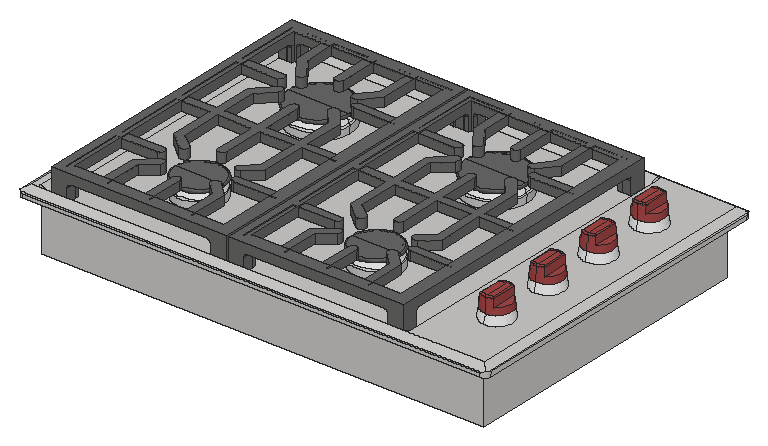
Revit family "M_Fogão-gás-750 mm", category Equipamento especial, Revit 2019
Family settings
  Cota do conector redondo = Utilizar diâmetro
  Tipo de parte = Normal
  Número OmniClass = 23.40.40.14
  Título OmniClass = Food Service Equipment
  Com base no plano de trabalho = Sim
  Sempre na vertical = Sim
  Corte com vazios quando carregada = Não
  Compartilhado = Não
  Ponto de cálculo do ambiente = Não
Parameters (values of type "Gás natural")
  Largura = 750 mm
  Voltagem = 120 V
  Type Comments = ""
  Acabamento da moldura = Eletrodoméstico – Cromado
  Mostrar legenda = yes
  Consumo de energia = 1000 VA
  Legenda = "Fogão"
  Altura da superfície = 15 mm
  Botão = Eletrodoméstico – Plástico – Vermelho
  Espessura da carcaça = 100 mm
  L = Profundidade do balcão - 50 mm  # 480 mm
  Elevação-padrão = 1200 mm
  D = (Largura - 150 mm) / 2 - 20 mm  # 280 mm
  Profundidade do balcão = 530 mm
  Queimador = Eletrodoméstico – Tampa do queimador
  Acabamento do eletrodoméstico = Eletrodoméstico – Aço inoxidável
  Amperagem = Consumo de energia / Voltagem  # 8.33333 A
Types (2, lengths in mm): name | Consumo de energia | Amperagem
  Gás LP | 50 VA | 0.416667 A
  Gás natural | 1000 VA | 8.33333 A
Reference planes
  plane 1 "Face do armário": y = 3.2
  plane 2: z = 0
  plane 3 "Centro (Esquerda/Direita)": x = 0
  plane 4 "Esquerda": x = -375
  plane 5 "Direita": x = 375
  plane 6 "Parte posterior": y = 268.2
  plane 7 "Traseira da porta": y = -261.8
  plane 8 "Superior": z = 15
  plane 9 "Base": z = -85
  plane 10: x = -353
  plane 11: x = 353
  plane 12: y = -239.8
  plane 13: y = 246.2
  plane 14 "Plano elétrico": x = 289.5
  plane 15: x = 301.999
  plane 16: x = 241.425
  plane 17: x = 227.137
  plane 18: x = -338.909
  plane 19: x = -55.886
  plane 20: y = 241.409
  plane 21: y = -515.8
  plane 22: z = 0.508
Forms (mm)
  Extrusion 1, solid, material "Eletrodoméstico – Aço inoxidável" <- "Acabamento do eletrodoméstico"
    sketch origin (0, 0, 0) x (1, 0, 0) y (0, 1, 0)
      loop
        arc (-365.475, 268.2) -> (-372.21, 265.41) -> (-375, 258.675) r 9.525
        line (-375, 258.675) -> (-375, -252.275)
        arc (-375, -252.275) -> (-372.21, -259.01) -> (-365.475, -261.8) r 9.525
        line (-365.475, -261.8) -> (365.475, -261.8)
        arc (365.475, -261.8) -> (372.21, -259.01) -> (375, -252.275) r 9.525
        line (375, -252.275) -> (375, 258.675)
        arc (375, 258.675) -> (372.21, 265.41) -> (365.475, 268.2) r 9.525
        line (365.475, 268.2) -> (-365.475, 268.2)
    from 0 to 15
  Extrusion 2, solid, material "Eletrodoméstico – Aço inoxidável" <- "Acabamento do eletrodoméstico"
    sketch origin (0, 0, -85) x (-1, 0, 0) y (0, -1, 0)
      loop
        line (353, -246.2) -> (353, 239.8) -> (-353, 239.8) -> (-353, -246.2) -> (353, -246.2)
    from 0 to 85
  Sweep 3, void
    path in 3D
      loop
        line (-375, -261.8, 15) -> (375, -261.8, 15) -> (375, 268.2, 15) -> (-375, 268.2, 15) -> (-375, -261.8, 15)
    profile origin (-375, 3.2, 15) x (1, 0, 0) y (0, 0, 1)
      loop
        line (0.746, -7.471) -> (12.7, 0) -> (0, 0) -> (0, -8.817)
        arc (0, -8.817) -> (0.199, -8.048) -> (0.746, -7.471) r 1.587
  Blend 4, void
    base sketch origin (0, 0, 0) x (1, 0, 0) y (0, 1, 0)
      loop
        line (-338.909, 241.409) -> (-338.909, -234.812) -> (227.137, -234.812) -> (227.137, 241.409) -> (-338.909, 241.409)
    top sketch origin (0, 0, 0) x (1, 0, 0) y (0, 1, 0)
      loop
        arc (-346.65, 255.5) -> (-351.14, 253.64) -> (-353, 249.15) r 6.35
        line (-353, 249.15) -> (-353, -242.75)
        arc (-353, -242.75) -> (-351.14, -247.24) -> (-346.65, -249.1) r 6.35
        line (-346.65, -249.1) -> (235.075, -249.1)
        arc (235.075, -249.1) -> (239.565, -247.24) -> (241.425, -242.75) r 6.35
        line (241.425, -242.75) -> (241.425, 249.15)
        arc (241.425, 249.15) -> (239.565, 253.64) -> (235.075, 255.5) r 6.35
        line (235.075, 255.5) -> (-346.65, 255.5)
    from 0.508 to 15
  Sweep 5, solid, material "Eletrodoméstico – Cromado" <- "Acabamento da moldura"
    path origin (289.5, 0, 0) x (0, 1, 0) y (0, 0, 1)
      loop
        line (268.2, -97.7) -> (179.3, -97.7)
        arc (179.3, -97.7) -> (170.32, -93.98) -> (166.6, -85) r 12.7
    profile origin (289.5, 223.75, -97.7) x (0, 0, -1) y (1, 0, 0)
      loop
        circle (0, 0) r 6.35
      loop
        circle (0, -76.2) r 6.35
Cuts and joins
  Sweep 3, Blend 4 cuts Extrusion 1
  Blend 4 cuts Extrusion 2
Lines and regions (mm)
  symbolic lines, style "Eletrodomésticos"
    curve 1: line (-375, 268.2, 0) -> (375, 268.2, 0)
    curve 2: line (-375, 268.2, 0) -> (-375, -261.8, 0)
    curve 3: line (375, -261.8, 0) -> (375, 268.2, 0)
    curve 4: line (-375, -261.8, 0) -> (375, -261.8, 0)
  sketch lines
    curve 5: line (-375, 268.2, 15) -> (-375, -261.8, 15)
    curve 6: line (375, 268.2, 15) -> (-375, 268.2, 15)
    curve 7: line (375, -261.8, 15) -> (375, 268.2, 15)
    curve 8: line (-375, -261.8, 15) -> (375, -261.8, 15)
Dimensions and locks
  equal spacing: plane 4 "Esquerda", plane 3 "Centro (Esquerda/Direita)", plane 5 "Direita"
  "Largura": plane 4 "Esquerda" to plane 5 "Direita"
  "Altura da superfície": plane 8 "Superior" to level
  "Espessura da carcaça": plane 8 "Superior" to plane 9 "Base"
  "Profundidade do balcão": plane 6 "Parte posterior" to plane 7 "Traseira da porta"
  equal spacing: plane 6 "Parte posterior", plane 1 "Face do armário", plane 7 "Traseira da porta"
  locked: plane 4 "Esquerda" to plane 10 at 22
  locked: plane 11 to plane 5 "Direita" at 22
  locked: plane 6 "Parte posterior" to plane 13 at 22
  locked: plane 12 to plane 7 "Traseira da porta" at 22
  locked: plane 14 "Plano elétrico" to plane 11 at 63.5
  locked: Sweep 3 sketch curve to plane 4 "Esquerda" at 12.7
  locked: plane 8 "Superior" to Sweep 3 sketch curve at 8.817
  plane 9 "Base" to Sweep 5 sketch curve = 12.7 mm
  locked: Sweep 5 sketch curve to Sweep 5 sketch curve at 76.2
  locked: plane 15 to plane 11 at 51.001
  locked: plane 16 to plane 15 at 60.574
  locked: plane 17 to plane 16 at 14.287
  locked: plane 10 to plane 18 at 14.091
  equal spacing: plane 18, plane 19, plane 17
  locked: plane 13 to plane 20 at 4.791
  locked: plane 7 "Traseira da porta" to plane 21 at 254
  locked: plane 22 to plane 2 at 0.508
  aligned and locked: plane 2 to level
  aligned and locked: Extrusion 1 sketch curve to plane 6 "Parte posterior"
  aligned and locked: plane 4 "Esquerda" to Extrusion 1 sketch curve
  aligned and locked: plane 7 "Traseira da porta" to Extrusion 1 sketch curve
  aligned and locked: Extrusion 1 sketch curve to plane 5 "Direita"
  aligned and locked: plane 8 "Superior" to Extrusion 1
  aligned and locked: plane 3 "Centro (Esquerda/Direita)" to nested 1
  aligned and locked: Extrusion 2 sketch curve to plane 13
  aligned and locked: Extrusion 2 sketch curve to plane 10
  aligned and locked: plane 12 to Extrusion 2 sketch curve
  aligned and locked: plane 11 to Extrusion 2 sketch curve
  aligned and locked: level to Extrusion 2
  aligned and locked: plane 8 "Superior" to Sweep 3 sketch curve
  aligned and locked: plane 4 "Esquerda" to Sweep 3 sketch curve
  aligned and locked: plane 8 "Superior" to nested 5
  aligned and locked: plane 8 "Superior" to nested 4
  aligned and locked: plane 8 "Superior" to nested 3
  aligned and locked: plane 8 "Superior" to nested 2
  aligned and locked: nested 6 to nested 7
  aligned and locked: plane 8 "Superior" to Blend 4
  aligned and locked: nested 5 to plane 15
  aligned and locked: nested 4 to plane 15
  aligned and locked: nested 3 to plane 15
  aligned and locked: nested 2 to plane 15
  aligned and locked: nested 6 to plane 19
  aligned and locked: plane 18 to nested 7
  aligned and locked: nested 7 to plane 20
  aligned and locked: plane 21 to nested 1
  aligned and locked: Blend 4 to plane 22
Automatic sketch dimensions
  plane 4 "Esquerda" to Extrusion 1 sketch curve = 9.525 mm  (x2)
  Extrusion 1 sketch curve to plane 5 "Direita" = 9.525 mm  (x2)
  curve 4 to plane 4 "Esquerda" = 0 mm
  curve 3 to plane 5 "Direita" = 0 mm
  curve 4 to plane 7 "Traseira da porta" = 0 mm
  curve 2 to plane 6 "Parte posterior" = 0 mm
  Sweep 3 sketch curve to profile plane = 0.746 mm
  Sweep 3 sketch curve to profile plane = 1.587 mm
  plane 12 to Blend 4 sketch curve = 4.988 mm
  Blend 4 sketch curve to plane 10 = 14.091 mm
  Blend 4 sketch curve to plane 14 "Plano elétrico" = 62.363 mm
  Blend 4 sketch curve to plane 13 = 4.791 mm
  Blend 4 sketch curve to plane 10 = 0 mm
  Blend 4 sketch curve to plane 10 = 6.35 mm  (x2)
  plane 13 to Blend 4 sketch curve = 2.95 mm  (x2)
  Blend 4 sketch curve to plane 12 = 2.95 mm
  Blend 4 sketch curve to plane 14 "Plano elétrico" = 54.425 mm  (x2)
  Sweep 5 sketch curve to plane 9 "Base" = 0 mm
  Sweep 5 sketch curve to plane 6 "Parte posterior" = 0 mm
  Sweep 5 sketch curve to plane 13 = 66.9 mm
  Sweep 5 sketch curve to profile plane = 0 mm  (x2)
  Sweep 5 sketch curve to plane 14 "Plano elétrico" = 0 mm
  radius of Sweep 5 sketch curve = 6.35 mm  (x2)
Nested families
  nested 1: "Anotação de legenda de 2,5" at (0, -515.8, 0), visible <- "Mostrar legenda", type "Anotação de legenda de 2,5"
  nested 2: "M_Botão" at (301.999, -149.2, 15), type "M_Botão", detail levels medium+fine
  nested 3: "M_Botão" at (301.999, -47.6, 15), type "M_Botão", detail levels medium+fine
  nested 4: "M_Botão" at (301.999, 54, 15), type "M_Botão", detail levels medium+fine
  nested 5: "M_Botão" at (301.999, 155.6, 15), type "M_Botão", detail levels medium+fine
  nested 6: "M_Grelha do queimador" at (83.945, 1.409, 0) x (-1, 0, 0) z (0, 0, 1), type "M_Grelha do queimador"
  nested 7: "M_Grelha do queimador" at (-199.078, 1.409, 0) x (-1, 0, 0) z (0, 0, 1), type "M_Grelha do queimador"
Connectors
  electrical at (213.3, 268.2, -97.7), driven by "Voltagem", driven by "Consumo de energia"
    settings: on Sweep 5, index 1, voltage 120 V, apparent load 1000 VA, apparent load phase1 0 VA, apparent load phase2 0 VA, apparent load phase3 0 VA, power factor 1, load classification "Eletrodoméstico", number of poles 1, system type 30, power factor state 1, is connector primary yes, connector utility no, sub classification motor no, connector description "Potência do fogão"
  piping at (289.5, 268.2, -97.7), diameter 12.7
    settings: on Sweep 5, index 2, connector inside diameter 609.6 mm, connector length 0 mm, flow factor 0, pipe flow 0.0 L/s, pressure drop 0.0 Pa, fitting loss kfactor 0, connector angle 0.00°, fixture units 0, engagement length 0 mm, angle of deflection 0.00°, flow configuration 1, flow direction 1, fitting loss method 0, system type 22, joint type 0, gender type 0, connector reference index -1, connector utility 0, adjustable connector no, is connector primary yes, connector description "Fogão a gás"
Definition of nested family "M_Botão"
  Parameters (values of type "Botão")
    Material = none
    Default Elevation = 1200 mm
    Material da moldura = none
  Reference planes
    plane 1 "Centro (Frente/Trás)": y = 0
    plane 2: z = 0
    plane 3 "Centro (Esquerda/Direita)": x = 0
    plane 4: z = 19.944
    plane 5: z = 39.944
  Forms (mm)
    Revolve 1, solid, material <- "Material"
      sketch origin (0, 0, 0) x (0, 0, -1) y (0, 1, 0)
        loop
          line (0, 25.4) -> (-14.514, 23.223) -> (-38.236, 22.545)
          arc (-38.236, 22.545) -> (-39.425, 22.022) -> (-39.914, 20.818) r 1.728
          line (-39.914, 20.818) -> (-39.914, 0) -> (0, 0) -> (0, 25.4)
        axis (0, 0) -> (-39.914, 0)
      angle from 0 to 360
    Extrusion 2, void
      sketch origin (0, 0, 0) x (1, 0, 0) y (0, 0, -1)
        loop
          line (22.929, -25.419) -> (10.894, -25.419) -> (10.894, -38.215)
          arc (10.894, -38.215) -> (10.387, -39.438) -> (9.165, -39.944) r 1.729
          line (9.165, -39.944) -> (22.929, -39.944) -> (22.929, -25.419)
        loop
          line (-22.929, -25.419) -> (-22.929, -39.944) -> (-9.165, -39.944)
          arc (-9.165, -39.944) -> (-10.387, -39.438) -> (-10.894, -38.215) r 1.729
          line (-10.894, -38.215) -> (-10.894, -25.419) -> (-22.929, -25.419)
      from -34.753 to 36.709
  Cuts and joins
    Extrusion 2 cuts Revolve 1
  Dimensions and locks
    locked: plane 5 to plane 4 at 20
    aligned and locked: plane 2 to level
    aligned and locked: plane 5 to Extrusion 2 sketch curve
    aligned and locked: Extrusion 2 sketch curve to plane 5
Definition of nested family "M_Grelha do queimador"
  Parameters (values of type "Grelha do queimador")
    Mostrar grelha = yes
    Mostrar base = yes
    Largura da grelha = 280 mm
    Profundidade da grelha = 480 mm
    Grelha = none
    Queimador = none
    Mostrar queimadores = yes
  Reference planes
    plane 1 "Centro (Frente/Trás)": y = 0
    plane 2 "Inferior": z = 0
    plane 3 "Centro (Esquerda/Direita)": x = -0.169
    plane 4 "Queimador T.O.": z = 28.575
    plane 5 "Queimador posterior": y = 120
    plane 6 "Queimador frontal": y = -120
    plane 7: z = 57.094
    plane 8 "Grelha B.O.": z = 0
    plane 9 "Painel T.O.": z = 19.5
    plane 10 "Parte posterior": y = 240
    plane 11 "Parte frontal": y = -240
    plane 12 "Esquerda": x = -140.169
    plane 13 "Direita": x = 139.831
    plane 14 "Parte inferior da superfície": z = 42.862
    plane 15: x = -73.344
    plane 16: x = 60.306
    plane 17: x = 127.131
    plane 18: x = -127.469
    plane 19: y = 225.712
    plane 20: y = 126.35
    plane 21: y = 6.35
    plane 22: y = -6.35
    plane 23: y = -225.712
    plane 24: x = -60.644
    plane 25: x = 73.006
    plane 26: x = -6.916
    plane 27: x = 6.181
    plane 28: y = 113.65
    plane 29: y = -113.65
    plane 30: y = -126.35
    plane 31: x = -312.162
    plane 32: x = 311.824
  Forms (mm)
    Extrusion 1, void
      sketch origin (433.841, 349.972, -848.839) x (1, 0, 0) y (0, 0, 1)
        loop
          arc (-319.41, 871.064) -> (-321.27, 875.554) -> (-325.76, 877.414) r 6.35
          line (-325.76, 877.414) -> (-542.26, 877.414)
          arc (-542.26, 877.414) -> (-546.75, 875.554) -> (-548.61, 871.064) r 6.35
          line (-548.61, 871.064) -> (-548.61, 848.839) -> (-319.41, 848.839) -> (-319.41, 871.064)
      from 54.697 to 694.851
    Extrusion 2, void
      sketch origin (433.841, 349.972, -848.839) x (0, 1, 0) y (0, 0, 1)
        loop
          arc (-135.372, 871.064) -> (-137.232, 875.554) -> (-141.722, 877.414) r 6.35
          line (-141.722, 877.414) -> (-558.222, 877.414)
          arc (-558.222, 877.414) -> (-562.712, 875.554) -> (-564.572, 871.064) r 6.35
          line (-564.572, 871.064) -> (-564.572, 848.839) -> (-135.372, 848.839) -> (-135.372, 871.064)
      from -574.01 to -294.01
    Revolve 3, solid, material <- "Queimador", visible <- "Mostrar queimadores"
      sketch origin (1.587, 120, -848.839) x (1, 0, 0) y (0, 0, 1)
        loop
          line (-1.756, 848.839) -> (-1.756, 876.731) -> (-39.029, 876.731)
          arc (-39.029, 876.731) -> (-40.942, 874.818) -> (-39.029, 872.906) r 1.913
          line (-39.029, 872.906) -> (-36.225, 872.906) -> (-38.898, 862.695) -> (-40.825, 860.127) -> (-40.825, 848.839) -> (-1.756, 848.839)
        axis (-1.756, 876.731) -> (-1.756, 848.839)
      angle from 0 to 360
    Revolve 4, solid, material <- "Queimador", visible <- "Mostrar queimadores"
      sketch origin (0, -120, -848.839) x (1, 0, 0) y (0, 0, 1)
        loop
          line (-0.169, 848.839) -> (-0.169, 876.731) -> (-48.158, 876.731)
          arc (-48.158, 876.731) -> (-50.07, 874.818) -> (-48.158, 872.906) r 1.913
          line (-48.158, 872.906) -> (-45.353, 872.906) -> (-48.026, 862.695) -> (-49.953, 860.127) -> (-49.953, 848.839) -> (-0.169, 848.839)
        axis (-0.169, 876.731) -> (-0.169, 848.839)
      angle from 0 to 360
    Extrusion 5, solid, material <- "Grelha", visible <- "Mostrar base", detail levels fine
      sketch origin (0, 0, 19.5) x (-1, 0, 0) y (0, -1, 0)
        loop
          line (140.169, -240) -> (140.169, 240) -> (-139.831, 240) -> (-139.831, -240) -> (140.169, -240)
        loop
          line (119.335, -219.166) -> (119.335, 219.166) -> (-119.194, 219.166) -> (-119.194, -219.166) -> (119.335, -219.166)
      from -19.5 to 23.363
    Extrusion 6, solid, material <- "Grelha", visible <- "Mostrar grelha", detail levels fine
      sketch origin (0, 0, 19.5) x (-1, 0, 0) y (0, -1, 0)
        loop
          line (140.169, -240) -> (140.169, 240) -> (-139.831, 240) -> (-139.831, -240) -> (140.169, -240)
        loop
          line (127.469, -225.712) -> (127.469, -126.35) -> (60.644, -126.35)
          arc (60.644, -126.35) -> (54.294, -120) -> (60.644, -113.65) r 6.35
          line (60.644, -113.65) -> (127.469, -113.65) -> (127.469, -6.35) -> (73.344, -6.35) -> (73.344, -78.529) -> (51.166, -100.436)
          arc (51.166, -100.436) -> (41.063, -100.436) -> (41.063, -90.333) r 7.144
          line (41.063, -90.333) -> (60.644, -72.61) -> (60.644, -6.35) -> (6.916, -6.35) -> (6.916, -73.495)
          arc (6.916, -73.495) -> (0.367, -80.044) -> (-6.181, -73.495) r 6.548
          line (-6.181, -73.495) -> (-6.181, -6.35) -> (-60.306, -6.35) -> (-60.306, -72.61) -> (-37.55, -90.333)
          arc (-37.55, -90.333) -> (-37.55, -100.436) -> (-47.653, -100.436) r 7.144
          line (-47.653, -100.436) -> (-73.006, -78.529) -> (-73.006, -6.35) -> (-127.327, -6.35) -> (-127.327, -113.65) -> (-60.306, -113.65)
          arc (-60.306, -113.65) -> (-53.956, -120) -> (-60.306, -126.35) r 6.35
          line (-60.306, -126.35) -> (-127.327, -126.35) -> (-127.327, -225.712) -> (-73.006, -225.712) -> (-73.006, -161.471) -> (-47.653, -139.564)
          arc (-47.653, -139.564) -> (-37.55, -139.564) -> (-37.55, -149.667) r 7.144
          line (-37.55, -149.667) -> (-60.306, -167.39) -> (-60.306, -225.712) -> (-6.181, -225.712) -> (-6.181, -166.505)
          arc (-6.181, -166.505) -> (0.367, -159.956) -> (6.916, -166.505) r 6.548
          line (6.916, -166.505) -> (6.916, -225.712) -> (60.644, -225.712) -> (60.644, -167.39) -> (41.063, -149.667)
          arc (41.063, -149.667) -> (41.063, -139.564) -> (51.166, -139.564) r 7.144
          line (51.166, -139.564) -> (73.344, -161.471) -> (73.344, -225.712) -> (127.469, -225.712)
        loop
          line (127.469, 225.909) -> (73.344, 225.909) -> (73.344, 160.198) -> (51.166, 133.257)
          arc (51.166, 133.257) -> (41.063, 133.257) -> (41.063, 143.36) r 7.144
          line (41.063, 143.36) -> (60.644, 166.116) -> (60.644, 225.909) -> (6.916, 225.909) -> (6.916, 160.198)
          arc (6.916, 160.198) -> (0.367, 153.649) -> (-6.181, 160.198) r 6.548
          line (-6.181, 160.198) -> (-6.181, 225.909) -> (-60.306, 225.909) -> (-60.306, 172.152) -> (-37.55, 143.36)
          arc (-37.55, 143.36) -> (-37.55, 133.257) -> (-47.653, 133.257) r 7.144
          line (-47.653, 133.257) -> (-73.006, 166.234) -> (-73.006, 225.909) -> (-127.327, 225.909) -> (-127.327, 126.35) -> (-60.306, 126.35)
          arc (-60.306, 126.35) -> (-53.956, 120) -> (-60.306, 113.65) r 6.35
          line (-60.306, 113.65) -> (-127.327, 113.65) -> (-127.327, 6.35) -> (-73.006, 6.35) -> (-73.006, 70.076) -> (-47.653, 97.016)
          arc (-47.653, 97.016) -> (-37.55, 97.016) -> (-37.55, 86.914) r 7.144
          line (-37.55, 86.914) -> (-60.306, 64.158) -> (-60.306, 6.35) -> (-6.181, 6.35) -> (-6.181, 69.329)
          arc (-6.181, 69.329) -> (0.367, 75.878) -> (6.916, 69.329) r 6.548
          line (6.916, 69.329) -> (6.916, 6.35) -> (60.644, 6.35) -> (60.644, 64.158) -> (41.063, 86.914)
          arc (41.063, 86.914) -> (41.063, 97.016) -> (51.166, 97.016) r 7.144
          line (51.166, 97.016) -> (73.344, 70.076) -> (73.344, 6.35) -> (127.469, 6.35) -> (127.469, 113.65) -> (60.644, 113.65)
          arc (60.644, 113.65) -> (54.294, 120) -> (60.644, 126.35) r 6.35
          line (60.644, 126.35) -> (127.469, 126.35) -> (127.469, 225.909)
      from -19.5 to 23.363
  Cuts and joins
    Extrusion 1, Extrusion 2 cuts Extrusion 5
    Extrusion 1, Extrusion 2 cuts Extrusion 6
  Dimensions and locks
    equal spacing: plane 10 "Parte posterior", plane 5 "Queimador posterior", plane 1 "Centro (Frente/Trás)", plane 6 "Queimador frontal", plane 11 "Parte frontal"
    "Profundidade da grelha": plane 10 "Parte posterior" to plane 11 "Parte frontal"
    equal spacing: plane 12 "Esquerda", plane 3 "Centro (Esquerda/Direita)", plane 13 "Direita"
    "Largura da grelha": plane 12 "Esquerda" to plane 13 "Direita"
    locked: plane 7 to plane 14 "Parte inferior da superfície" at 14.231
    locked: Extrusion 5 sketch curve to plane 11 "Parte frontal" at 20.834
    locked: plane 10 "Parte posterior" to Extrusion 5 sketch curve at 20.834
    locked: Extrusion 5 sketch curve to plane 13 "Direita" at 20.637
    locked: plane 12 "Esquerda" to Extrusion 5 sketch curve at 20.834
    locked: plane 15 to plane 24 at 12.7
    locked: plane 16 to plane 25 at 12.7
    plane 26 to plane 27 = 13.097 mm  (x2)
    plane 29 to plane 6 "Queimador frontal" to plane 30 = 6.35 mm locked, 6.35 mm locked
    plane 21 to plane 1 "Centro (Frente/Trás)" to plane 22 = 6.35 mm locked, 6.35 mm locked
    plane 20 to plane 5 "Queimador posterior" to plane 28 = 6.35 mm locked, 6.35 mm locked
    locked: plane 12 "Esquerda" to Extrusion 1 sketch curve at 25.4
    locked: Extrusion 1 sketch curve to plane 13 "Direita" at 25.4
    locked: plane 10 "Parte posterior" to Extrusion 2 sketch curve at 25.4
    locked: Extrusion 2 sketch curve to plane 11 "Parte frontal" at 25.4
    locked: plane 17 to plane 13 "Direita" at 12.7
    locked: plane 12 "Esquerda" to plane 18 at 12.7
    equal spacing: plane 18, plane 24, plane 27, plane 25, plane 13 "Direita"
    locked: plane 10 "Parte posterior" to plane 19 at 14.288
    locked: plane 23 to plane 11 "Parte frontal" at 14.288
    plane 12 "Esquerda" to plane 3 "Centro (Esquerda/Direita)" = 140 mm
    plane 3 "Centro (Esquerda/Direita)" to plane 13 "Direita" = 140 mm
    plane 14 "Parte inferior da superfície" to plane 4 "Queimador T.O." = 14.287 mm
    aligned and locked: Revolve 4 to plane 8 "Grelha B.O."
    aligned and locked: Revolve 3 to plane 8 "Grelha B.O."
    aligned and locked: Revolve 4 sketch curve to plane 3 "Centro (Esquerda/Direita)"
    aligned and locked: Revolve 3 sketch curve to plane 3 "Centro (Esquerda/Direita)"
    aligned and locked: Extrusion 5 sketch curve to plane 10 "Parte posterior"
    aligned and locked: plane 13 "Direita" to Extrusion 5 sketch curve
    aligned and locked: plane 11 "Parte frontal" to Extrusion 5 sketch curve
    aligned and locked: Extrusion 5 sketch curve to plane 12 "Esquerda"
    aligned and locked: cut or joined group of Extrusion 1, Extrusion 2, Extrusion 5 to plane 13 "Direita"
    aligned and locked: plane 12 "Esquerda" to cut or joined group of Extrusion 1, Extrusion 2, Extrusion 5
    aligned and locked: Extrusion 1 sketch curve to plane 4 "Queimador T.O."
    aligned and locked: plane 4 "Queimador T.O." to Extrusion 2 sketch curve
    aligned and locked: plane 18 to Extrusion 6 sketch curve  (x2)
    aligned and locked: Extrusion 6 sketch curve to plane 19  (x4)
    aligned and locked: plane 13 "Direita" to Extrusion 6 sketch curve
    aligned and locked: Extrusion 6 sketch curve to plane 20
    aligned and locked: plane 20 to Extrusion 6 sketch curve
    aligned and locked: Extrusion 6 sketch curve to plane 28
    aligned and locked: plane 28 to Extrusion 6 sketch curve
    aligned and locked: Extrusion 6 sketch curve to plane 29
    aligned and locked: plane 30 to Extrusion 6 sketch curve
    aligned and locked: plane 29 to Extrusion 6 sketch curve
    aligned and locked: Extrusion 6 sketch curve to plane 30
    aligned and locked: plane 14 "Parte inferior da superfície" to Extrusion 6
    aligned and locked: plane 14 "Parte inferior da superfície" to cut or joined group of Extrusion 1, Extrusion 2, Extrusion 5
    aligned and locked: cut or joined group of Extrusion 1, Extrusion 2, Extrusion 6 to plane 8 "Grelha B.O."
    aligned and locked: cut or joined group of Extrusion 1, Extrusion 2, Extrusion 5 to plane 8 "Grelha B.O."
    aligned and locked: Extrusion 2 sketch curve to plane 8 "Grelha B.O."
    aligned and locked: plane 8 "Grelha B.O." to Extrusion 1 sketch curve
  Automatic sketch dimensions
    Extrusion 2 sketch curve to Extrusion 2 sketch curve = 6.35 mm  (x2)
    Revolve 3 sketch curve to plane 2 "Inferior" = 0 mm
    Revolve 3 sketch curve to plane 3 "Centro (Esquerda/Direita)" = 0 mm
    Revolve 3 sketch curve to plane 4 "Queimador T.O." = 4.508 mm
    Revolve 3 sketch curve to plane 3 "Centro (Esquerda/Direita)" = 34.468 mm
    Revolve 3 sketch curve to plane 9 "Painel T.O." = 5.645 mm
    Revolve 3 sketch curve to Revolve 3 sketch curve = 2.673 mm
    Revolve 3 sketch curve to Revolve 3 sketch curve = 2.804 mm
    Revolve 3 sketch curve to plane 9 "Painel T.O." = 8.213 mm
    Revolve 3 sketch curve to Revolve 3 sketch curve = 1.927 mm
    Revolve 3 sketch curve to Revolve 3 sketch curve = 1.913 mm
    Revolve 3 sketch curve to Revolve 3 sketch curve = 5420.839 mm
    plane 7 to Revolve 3 sketch curve = 3642.171 mm
    Revolve 4 sketch curve to plane 2 "Inferior" = 0 mm
    Revolve 4 sketch curve to plane 3 "Centro (Esquerda/Direita)" = 0 mm
    Revolve 4 sketch curve to plane 4 "Queimador T.O." = 4.508 mm
    Revolve 4 sketch curve to plane 3 "Centro (Esquerda/Direita)" = 45.184 mm
    Revolve 4 sketch curve to plane 9 "Painel T.O." = 5.645 mm
    Revolve 4 sketch curve to Revolve 4 sketch curve = 2.673 mm
    Revolve 4 sketch curve to Revolve 4 sketch curve = 2.804 mm
    Revolve 4 sketch curve to plane 9 "Painel T.O." = 8.213 mm
    Revolve 4 sketch curve to Revolve 4 sketch curve = 1.927 mm
    Revolve 4 sketch curve to Revolve 4 sketch curve = 1.913 mm
    Revolve 4 sketch curve to Revolve 4 sketch curve = 5420.839 mm
    plane 7 to Revolve 4 sketch curve = 3642.171 mm
    Extrusion 6 sketch curve to plane 21 = 0 mm  (x4)
    Extrusion 6 sketch curve to plane 22 = 0 mm  (x4)
    Extrusion 6 sketch curve to plane 25 = 0 mm  (x4)
    Extrusion 6 sketch curve to plane 16 = 0 mm  (x6)
    Extrusion 6 sketch curve to plane 27 = 0 mm  (x4)
    Extrusion 6 sketch curve to plane 26 = 0 mm  (x4)
    Extrusion 6 sketch curve to plane 24 = 0 mm  (x6)
    Extrusion 6 sketch curve to plane 15 = 0 mm  (x4)
    Extrusion 6 sketch curve to plane 18 = 0 mm  (x2)
    Extrusion 6 sketch curve to plane 10 "Parte posterior" = 0 mm
    Extrusion 6 sketch curve to plane 12 "Esquerda" = 0 mm
    Extrusion 6 sketch curve to plane 11 "Parte frontal" = 0 mm
    plane 17 to Extrusion 6 sketch curve = 0.196 mm  (x4)
    Extrusion 6 sketch curve to plane 16 = 12.653 mm  (x4)
    Extrusion 6 sketch curve to Extrusion 6 sketch curve = 5.051 mm  (x24)
    Extrusion 6 sketch curve to plane 24 = 19.581 mm  (x4)
    Extrusion 6 sketch curve to Extrusion 6 sketch curve = 41.04 mm  (x2)
    plane 20 to Extrusion 6 sketch curve = 40.155 mm
    Extrusion 6 sketch curve to Extrusion 6 sketch curve = 5.918 mm  (x8)
    plane 20 to Extrusion 6 sketch curve = 23.317 mm  (x2)
    Extrusion 6 sketch curve to plane 28 = 13.214 mm  (x2)
    Extrusion 6 sketch curve to Extrusion 6 sketch curve = 21.908 mm  (x2)
    Extrusion 6 sketch curve to Extrusion 6 sketch curve = 16.838 mm
    Extrusion 6 sketch curve to Extrusion 6 sketch curve = 49.492 mm  (x2)
    plane 29 to Extrusion 6 sketch curve = 44.321 mm
    plane 29 to Extrusion 6 sketch curve = 26.736 mm  (x2)
    Extrusion 6 sketch curve to plane 30 = 6.907 mm  (x2)
    Extrusion 6 sketch curve to plane 30 = 33.848 mm  (x2)
    Extrusion 6 sketch curve to plane 30 = 39.884 mm
    Extrusion 6 sketch curve to plane 23 = 0.196 mm  (x4)
    Extrusion 1 sketch curve to plane 4 "Queimador T.O." = 6.35 mm
    Extrusion 1 sketch curve to Extrusion 1 sketch curve = 6.35 mm
Definition of nested family "Anotação de legenda de 2,5"
  Parameters
    Legenda = "Congelador 36 LH"
  Reference planes
    plane 1: y = 0
    plane 2: x = 0
  Text (mm)
    label "Legenda" at (0.095, -0.088, 0), shows "Legenda"
